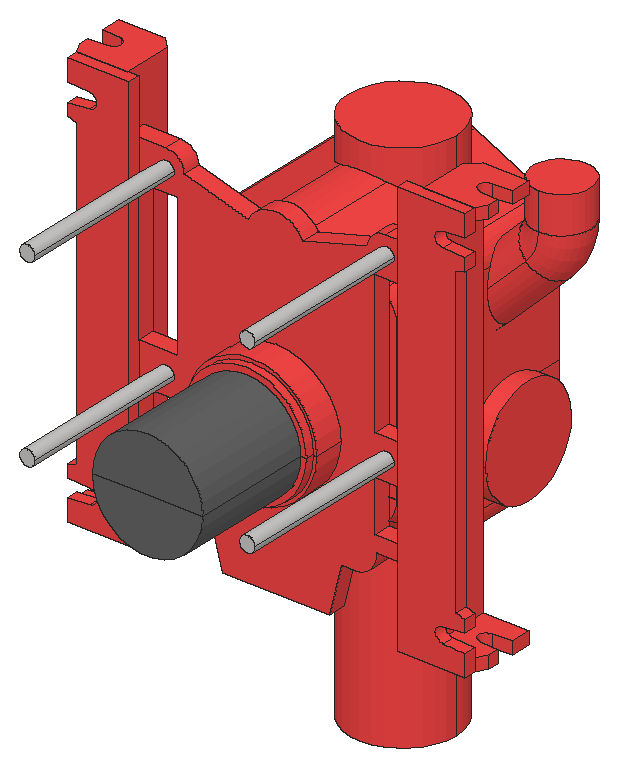
Revit family
Parameters (values of type "Standard Length")
  Vertical Pipe Nominal Radius = 2"
  Vertical Pipe Nominal Diameter = Vertical Pipe Nominal Radius * 2  # 4"
  Vent Nominal Radius = 1"
  Vent Nominal Diameter = Vent Nominal Radius * 2  # 2"
  Vent Flow = 0 GPM
  URL = "http://tylerpipe.com/"
  Type Comments = ""
  Slope Adjustment = yes
  Side Waste Inlet Standard Radius = 2"
  Side Waste Inlet Standard Diameter = Side Waste Inlet Standard Radius * 2  # 4"
  Rough-In Height [instance] = 0' - 6 1/2"
  Plastic Nipple Material = Plastic - Tyler Pipe - Black
  Plastic Nipple Length = 0' - 5"
  Pipe Material = Metal - Tyler Pipe - Cast Iron
  Model = "340-NR"
  Manufacturer = "Tyler Pipe"
  Main Out Flush = Main In Flow + Horizontal In Flow + Flush Flow 1 + Vent Flow  # 0 GPM
  Main In Flow = 0 GPM
  Horizontal In Flow = 0 GPM
  Horizontal Connection Height [instance] = 0' - 4 137/256"
  Horizontal Pipe Outer Radius = 2 3/16"
  Horizontal Pipe Nominal Radius = 2"
  Horizontal Pipe Nominal Diameter = Horizontal Pipe Nominal Radius * 2  # 4"
  Flush Flow 1 = 0 GPM
  Description = "Right-Handed Adjustable Vertical No-Hub Carrier"
  CALC_Slope H = 0' - 0 7/64"
  CALC_Outlet Length = 0' - 5 1/8"
  CALC_Main Length = -0' - 10 3/8"
  Bracket Material = Metal - Tyler Pipe - Cast Iron
  Bolt Material = Metal - Tyler Pipe - Stainless Steel
  Bolt Length = 0' - 7 9/128"
  Assembly Code = "D2030100"
Reference planes (in)
  plane 1 "Center (Front/Back)": y = 0
  plane 2: z = 0
  plane 3 "Center (Left/Right)": x = 0
  plane 4 "Rough-In": z = 6.5
  plane 5 "Main Fitting Outlet": z = 4.42578
  plane 6 "Top": z = 17
  plane 7 "Support Foot Left": x = -8.375
  plane 8 "Support Foot Right": x = 8.375
  plane 9 "Carrier Faceplate Back": y = 7
  plane 10 "Carrier Faceplate Front": y = -7
  plane 11 "Faceplate Back": y = 6.5
  plane 12 "Faceplate Front": y = -6.5
  plane 13: x = -8.125
  plane 14: x = 8.125
  plane 15 "Bolts Left": x = -4.5
  plane 16 "Bolts Right": x = 4.5
  plane 17 "Bolts Front": y = -13.57031
  plane 18 "Bolts Back": y = 13.57031
  plane 19 "Main Fitting Inlet": z = 4.53516
  plane 20 "O": x = -1.5
  plane 21 "Outlet": x = 5.125
  plane 22 "Vent": x = 4
  plane 23 "V": z = 11.3959
  plane 24 "Bottom Side Inlet Geometry": z = 2.34777
  plane 25: z = 16.5
  plane 26: z = 0.5
  plane 27: x = -6.49997
  plane 28: x = 6.51229
  plane 29: z = 6.5
  plane 30: z = 6.5
  plane 31 "Bolts Front Back": y = -5.48803
  plane 32 "Bolts Back Front": y = 5.48803
  plane 33 "Side Inlet Front": y = -13.06327
  plane 34 "Side Inlet Back": y = 13.06327
  plane 35: y = -8.06327
  plane 36: y = 8.06327
  plane 37 "Inlet": x = -5.25
  plane 38 "Vent Height": z = 14.70546
  plane 39 "Back Support": y = 2.5
  plane 40 "Vent Horizontal": x = 6.49997
Forms (in)
  Extrusion 1, solid, material "Metal - Tyler Pipe - Cast Iron" <- "Pipe Material", detail levels medium+fine
    sketch origin (5.125, 0, 4.53516) x (0, -1, 0) y (0.010542, 0, -0.999944)
      loop
        circle (0, 0) r 2.1875
    from 0 to -10.375 <- "CALC_Main Length"
  Extrusion 2, solid, material "Metal - Tyler Pipe - Cast Iron" <- "Bracket Material", detail levels fine
    sketch origin (0, -7, 0) x (-1, 0, 0) y (0, 0, -1)
      loop
        line (8.12501, 0) -> (5.62497, 0) -> (5.62497, -16.99997) -> (8.12501, -16.99997) -> (8.12501, -16.11913) -> (7.22821, -16.05642)
        arc (7.22821, -16.05642) -> (6.91647, -15.74468) -> (7.22821, -15.43294) r 0.31174
        line (7.22821, -15.43294) -> (8.12498, -15.37024) -> (8.12498, -14.86967) -> (7.75, -14.7692) -> (7.75, -2.22548) -> (8.12498, -2.12501) -> (8.12498, -1.62445) -> (7.22821, -1.56174)
        arc (7.22821, -1.56174) -> (6.91647, -1.25) -> (7.22821, -0.93826) r 0.31174
        line (7.22821, -0.93826) -> (8.12501, -0.87555) -> (8.12501, 0)
      loop
        line (-5.37497, -16.99997) -> (-5.37497, 0) -> (-8.12501, 0) -> (-8.12501, -0.87555) -> (-7.22821, -0.93826)
        arc (-7.22821, -0.93826) -> (-6.91647, -1.25) -> (-7.22821, -1.56174) r 0.31174
        line (-7.22821, -1.56174) -> (-8.12498, -1.62445) -> (-8.12498, -2.12501) -> (-7.75, -2.22548) -> (-7.75, -14.7692) -> (-8.12498, -14.86967) -> (-8.12498, -15.37024) -> (-7.22821, -15.43294)
        arc (-7.22821, -15.43294) -> (-6.91647, -15.74468) -> (-7.22821, -16.05642) r 0.31174
        line (-7.22821, -16.05642) -> (-8.12501, -16.11913) -> (-8.12501, -16.99997) -> (-5.37497, -16.99997)
    from 0 to -0.5
  Extrusion 3, solid, material "Metal - Tyler Pipe - Cast Iron" <- "Bracket Material", detail levels fine
    sketch origin (0, 0, 0) x (1, 0, 0) y (0, 1, 0)
      loop
        line (-8.37498, -6.0625) -> (-8.12501, -6.5) -> (-6.06247, -6.5) -> (-6.06247, -4.5) -> (-6.49997, -4.0625) -> (-8.37498, -4.0625) -> (-8.37498, -4.875) -> (-7.59946, -4.93854)
        arc (-7.59946, -4.93854) -> (-7.288, -5.25) -> (-7.59946, -5.56146) r 0.31146
        line (-7.59946, -5.56146) -> (-8.37498, -5.625) -> (-8.37498, -6.0625)
      loop
        line (6.06247, -4.5) -> (6.06247, -6.5) -> (8.12501, -6.5) -> (8.37498, -6.0625) -> (8.37498, -5.625) -> (7.59946, -5.56146)
        arc (7.59946, -5.56146) -> (7.288, -5.25) -> (7.59946, -4.93854) r 0.31146
        line (7.59946, -4.93854) -> (8.37498, -4.875) -> (8.37498, -4.0625) -> (6.49997, -4.0625) -> (6.06247, -4.5)
    from 0 to 17
  Extrusion 4, void
    sketch origin (0, 7, 0) x (-1, 0, 0) y (0, 0, 1)
      loop
        line (9.12254, 16.5) -> (6.49997, 16.5) -> (6.49997, 0.5) -> (9.12254, 0.5) -> (9.12254, 16.5)
      loop
        line (-9.26801, 16.5) -> (-9.26801, 0.5) -> (-6.51229, 0.5) -> (-6.51229, 16.5) -> (-9.26801, 16.5)
    from -13.5 to 0.5
  Extrusion 5, solid, material "Metal - Tyler Pipe - Cast Iron" <- "Bracket Material", detail levels fine
    sketch origin (0, -6.5, 0) x (-1, 0, 0) y (0, 0, -1)
      loop
        line (5.62497, -13.125) -> (5.62497, -7.3125) -> (4.03125, -7.3125) -> (4.03125, -13.125) -> (5.62497, -13.125)
      loop
        line (6.06247, -14.75) -> (6.06247, -2.9375) -> (4.13677, -2.9375)
        arc (4.13677, -2.9375) -> (3.90415, -2.27848) -> (3.26316, -2) r 0.875
        line (3.26316, -2) -> (2.685, -2) -> (2.18492, 0) -> (-2.18492, 0) -> (-2.685, -2) -> (-3.26316, -2)
        arc (-3.26316, -2) -> (-3.90415, -2.27848) -> (-4.13677, -2.9375) r 0.875
        line (-4.13677, -2.9375) -> (-6.06247, -2.9375) -> (-6.06247, -14.75) -> (-4.5, -14.75)
        arc (-4.5, -14.75) -> (-3.98825, -14.54828) -> (-3.75178, -14.05163) r 0.75
        line (-3.75178, -14.05163) -> (-1.11315, -13.31868)
        arc (-1.11315, -13.31868) -> (0, -14) -> (1.11315, -13.31868) r 1.25
        line (1.11315, -13.31868) -> (3.75178, -14.05163)
        arc (3.75178, -14.05163) -> (3.98825, -14.54828) -> (4.5, -14.75) r 0.75
        line (4.5, -14.75) -> (6.06247, -14.75)
      loop
        line (5.62497, -3.5625) -> (4.03125, -3.5625) -> (4.03125, -5.6875) -> (5.62497, -5.6875) -> (5.62497, -3.5625)
      loop
        line (-5.37497, -13.125) -> (-4.03125, -13.125) -> (-4.03125, -7.3125) -> (-5.37497, -7.3125) -> (-5.37497, -13.125)
      loop
        line (-5.37497, -3.5625) -> (-5.37497, -5.6875) -> (-4.03125, -5.6875) -> (-4.03125, -3.5625) -> (-5.37497, -3.5625)
    from 0 to -0.75
  Revolve 6, solid, material "Metal - Tyler Pipe - Cast Iron" <- "Pipe Material", detail levels fine
    sketch origin (0, 0, 6.5) x (-1, 0, 0) y (0, -1, 0)
      loop
        line (0, 6.5) -> (2.64908, 6.5) -> (2.64908, 7.71875) -> (2.5, 7.71875) -> (2.5, 8.06327) -> (0, 8.06327) -> (0, 6.5)
      axis (0, 6.5) -> (0, 8.06327)
    angle from 0 to 360
  Extrusion 7, solid, material "Metal - Tyler Pipe - Stainless Steel" <- "Bolt Material", detail levels fine
    sketch origin (0, -6.5, 0) x (-1, 0, 0) y (0, 0, -1)
      loop
        circle (4.5, -14) r 0.3125
      loop
        circle (4.5, -6.5) r 0.3125
      loop
        circle (-4.5, -14) r 0.3125
      loop
        circle (-4.5, -6.5) r 0.3125
    from 7.07031 to -1.01197
  Revolve 8, solid, material "Plastic - Tyler Pipe - Black" <- "Plastic Nipple Material", detail levels medium+fine
    sketch origin (0, 0, 6.5) x (-1, 0, 0) y (0, -1, 0)
      loop
        line (0, 5.75) -> (0, 13.06327) -> (-2.25, 13.06327) -> (-2.25, 5.75) -> (0, 5.75)
      axis (0, 5.75) -> (0, 13.06327)
    angle from 0 to 360
  Extrusion 9, solid, material "Metal - Tyler Pipe - Cast Iron" <- "Bracket Material", detail levels medium
    sketch origin (0, 0, 4.42578) x (-1, 0, 0) y (0, -1, 0)
      loop
        line (8.375, 7) -> (-8.375, 7) -> (-8.375, 4.0625) -> (8.375, 4.0625) -> (8.375, 7)
    from 12.57422 to -4.42578
  Extrusion 10, solid, material "Metal - Tyler Pipe - Cast Iron" <- "Pipe Material", detail levels fine
    sketch origin (0, -6.5, 0) x (-1, 0, 0) y (0, 0, -1)
      loop
        arc (3.73213, -12.08095) -> (4.18796, -11.67498) -> (4.36056, -11.0895) r 1.11114
        line (4.36056, -11.0895) -> (4.36056, -6.13768) -> (-4.36056, -6.13768) -> (-4.36056, -11.0895)
        arc (-4.36056, -11.0895) -> (-4.18796, -11.67498) -> (-3.73213, -12.08095) r 1.11114
        line (-3.73213, -12.08095) -> (-0.93697, -13.42897)
        arc (-0.93697, -13.42897) -> (0, -13.64311) -> (0.93697, -13.42897) r 2.15697
        line (0.93697, -13.42897) -> (3.73213, -12.08095)
    from -0.75 to -9
  Sweep 11, solid, material "Metal - Tyler Pipe - Cast Iron" <- "Pipe Material", detail levels fine
    path origin (0, 0, 0) x (0, 1, 0) y (0, 0, 1)
      loop
        line (-5.75, 5.24184) -> (-1.92239, 2.87906) -> (1.79739, 2.87906) -> (2.5, 3.31278)
    profile origin (0, -3.83619, 4.06045) x (0, 0.525279, 0.85093) y (1, 0, 0)
      loop
        arc (-0.5, 4.36056) -> (-0.92032, 4.27415) -> (-1.27655, 4.03491) r 1.11114
        arc (-1.27655, 4.03491) -> (-1.8423, 2.75045) -> (-2.41142, 1.46748) r 534.00949
        arc (-2.41142, 1.46748) -> (-2.48755, 1.28006) -> (-2.55113, 1.08801) r 3.0625
        line (-2.55113, 1.08801) -> (-2.55113, -1.08801)
        arc (-2.55113, -1.08801) -> (-2.48755, -1.28006) -> (-2.41142, -1.46748) r 3.0625
        arc (-2.41142, -1.46748) -> (-1.8423, -2.75045) -> (-1.27655, -4.03491) r 534.00949
        arc (-1.27655, -4.03491) -> (-0.92032, -4.27415) -> (-0.5, -4.36056) r 1.11114
        line (-0.5, -4.36056) -> (-0.5, 4.36056)
  Extrusion 12, void
    sketch origin (0, 0, 0) x (0, 1, 0) y (0, 0, 1)
      loop
        line (-5.75, 8.0625) -> (-10, 8.0625) -> (-10, -0.4375) -> (-5.75, -0.4375) -> (-5.75, 8.0625)
      loop
        line (2.5, 8.0625) -> (2.5, -0.4375) -> (5.48803, -0.4375) -> (5.48803, 8.0625) -> (2.5, 8.0625)
    from 4.5 to -4.5
  Extrusion 13, solid, material "Metal - Tyler Pipe - Cast Iron" <- "Pipe Material", detail levels medium+fine
    sketch origin (0, 0, 0) x (0, 1, 0) y (0, 0, 1)
      loop
        line (-5.75, 6.13768) -> (-5.75, 4.65425) -> (-2.06428, 2.37906) -> (1.93928, 2.37906) -> (2.5, 2.72519) -> (2.5, 6.13768) -> (-5.75, 6.13768)
    from 4.36056 to -4.36056
  Extrusion 14, solid, material "Metal - Tyler Pipe - Cast Iron" <- "Pipe Material", detail levels medium+fine
    sketch origin (0, 0, 4.53516) x (-1, 0, 0) y (0, -1, 0)
      loop
        circle (0, 0) r 2.1875
    from 10.1703 to -11.82555
  Extrusion 15, solid, material "Metal - Tyler Pipe - Cast Iron" <- "Bracket Material", detail levels fine
    sketch origin (0, 0, 4.53516) x (-1, 0, 0) y (0, -1, 0)
      loop
        line (1.38386, -2.12456) -> (-1.38386, -2.12456) -> (-0.95031, -3.75) -> (-0.3125, -3.75) -> (-0.2512, -3.125)
        arc (-0.2512, -3.125) -> (0, -2.8738) -> (0.2512, -3.125) r 0.2512
        line (0.2512, -3.125) -> (0.3125, -3.75) -> (0.95031, -3.75) -> (1.38386, -2.12456)
    from 0.25 to -0.25
  Extrusion 16, solid, material "Metal - Tyler Pipe - Cast Iron" <- "Bracket Material", detail levels fine
    sketch origin (0, 0, 0) x (1, 0, 0) y (0, 1, 0)
      loop
        arc (-1.28125, 3.59375) -> (0, 2.3125) -> (1.28125, 3.59375) r 1.28125
        line (1.28125, 3.59375) -> (1.28125, 5.125) -> (0.375, 5.125) -> (0.31146, 4.34948)
        arc (0.31146, 4.34948) -> (0, 4.03802) -> (-0.31146, 4.34948) r 0.31146
        line (-0.31146, 4.34948) -> (-0.375, 5.125) -> (-1.28125, 5.125) -> (-1.28125, 3.59375)
    from 0 to 0.5
  Revolve 17, solid, material "Metal - Tyler Pipe - Stainless Steel" <- "Bolt Material", detail levels fine
    sketch origin (0, 0, 0) x (0, 1, 0) y (0, 0, 1)
      loop
        line (3.17826, 0.5) -> (3.17826, 5.6912) -> (2.9994, 5.6912) -> (2.9994, 0.5) -> (3.17826, 0.5)
      axis (2.9994, 5.6912) -> (2.9994, 0.5)
    angle from 0 to 360
  Sweep 18, solid, material "Metal - Tyler Pipe - Cast Iron" <- "Pipe Material", detail levels medium+fine
    path origin (0, 0, 0) x (-1, 0, 0) y (0, 0, 1)
      loop
        line (-6.4992, 14.70546) -> (-6.4992, 13.19483)
        arc (-6.4992, 13.19483) -> (-6.36339, 12.51204) -> (-5.97662, 11.9332) r 1.78422
        line (-5.97662, 11.9332) -> (-1.02687, 6.98345)
    profile origin (6.4992, 0, 13.95014) x (0, -1, 0) y (1, 0, 0)
      loop
        circle (0, 0) r 1.17578
Cuts and joins
  Extrusion 4 cuts Extrusion 3
  Extrusion 12 cuts Sweep 11
Lines and regions (in)
  reference lines, not visible
    curve 1: line (-5.25, 0, 4.42578) -> (5.125, 0, 4.53516)
  model lines, detail levels coarse
    curve 2: line (0, 0, 6.5) -> (0, -13.06327, 6.5)
    curve 3: line (0, 0, 14.70546) -> (0, 0, -7.2904)
    curve 4: line (6.49997, 0, 14.70546) -> (6.49997, 0, 13.4557)
    curve 5: line (6.49997, 0, 13.4557) -> (0, 0, 11.3959)
    curve 6: line (0, 0, 4.48113) -> (5.125, 0, 4.53516)
Dimensions and locks (in)
  "Rough-In Height": plane 4 "Rough-In" to plane 2
  equal spacing: plane 8 "Support Foot Right", plane 3 "Center (Left/Right)", plane 7 "Support Foot Left"
  locked: plane 6 "Top" to plane 2 at 17
  locked: plane 9 "Carrier Faceplate Back" to plane 10 "Carrier Faceplate Front" at 14
  equal spacing: plane 9 "Carrier Faceplate Back", plane 1 "Center (Front/Back)", plane 10 "Carrier Faceplate Front"
  locked: plane 9 "Carrier Faceplate Back" to plane 11 "Faceplate Back" at 0.5
  locked: plane 10 "Carrier Faceplate Front" to plane 12 "Faceplate Front" at 0.5
  locked: plane 13 to plane 7 "Support Foot Left" at 0.25
  locked: plane 14 to plane 8 "Support Foot Right" at 0.25
  equal spacing: plane 17 "Bolts Front", plane 1 "Center (Front/Back)", plane 18 "Bolts Back"
  "Bolt Length": plane 17 "Bolts Front" to plane 12 "Faceplate Front"
  equal spacing: plane 15 "Bolts Left", plane 3 "Center (Left/Right)", plane 16 "Bolts Right"
  locked: plane 15 "Bolts Left" to plane 16 "Bolts Right" at 9
  plane 20 "O" to plane 3 "Center (Left/Right)" = 0' - 1 1/2"
  "CALC_Outlet Length": plane 3 "Center (Left/Right)" to plane 21 "Outlet"
  "CALC_Slope H": plane 19 "Main Fitting Inlet" to plane 5 "Main Fitting Outlet"
  locked: plane 3 "Center (Left/Right)" to plane 22 "Vent" at 4
  locked: plane 19 "Main Fitting Inlet" to plane 24 "Bottom Side Inlet Geometry" at 2.18738
  locked: plane 6 "Top" to plane 25 at 0.5
  locked: plane 26 to level at 0.5
  locked: plane 23 "V" to plane 5 "Main Fitting Outlet" at 6.97012
  locked: Extrusion 5 sketch curve to plane 29 at 8.25  (x2)
  locked: plane 29 to Extrusion 5 sketch curve at 3.5625  (x2)
  locked: Extrusion 5 sketch curve to plane 29 at 6.625  (x2)
  locked: plane 29 to Extrusion 5 sketch curve at 2.9375  (x2)
  locked: plane 29 to Extrusion 5 sketch curve at 6.5
  locked: Extrusion 7 sketch curve to plane 30 at 7.5  (x2)
  locked: Extrusion 5 sketch curve to plane 29 at 0.8125  (x2)
  locked: plane 29 to Extrusion 5 sketch curve at 0.8125  (x2)
  locked: plane 12 "Faceplate Front" to plane 31 "Bolts Front Back" at 1.01197
  locked: plane 11 "Faceplate Back" to plane 32 "Bolts Back Front" at 1.01197
  locked: plane 36 to plane 9 "Carrier Faceplate Back" at 1.06327
  locked: plane 35 to plane 10 "Carrier Faceplate Front" at 1.06327
  "Plastic Nipple Length": plane 33 "Side Inlet Front" to plane 35
  "Plastic Nipple Length": plane 36 to plane 34 "Side Inlet Back"
  locked: plane 10 "Carrier Faceplate Front" to Extrusion 9 sketch curve at 2.9375
  locked: Extrusion 5 sketch curve to plane 29 at 6.25
  locked: plane 29 to Extrusion 5 sketch curve at 3.625  (x2)
  locked: Extrusion 5 sketch curve to plane 29 at 6.81868  (x2)
  locked: Extrusion 10 sketch curve to plane 5 "Main Fitting Outlet" at 1.7119
  locked: Extrusion 10 sketch curve to plane 5 "Main Fitting Outlet" at 6.66372  (x2)
  locked: Extrusion 10 sketch curve to plane 5 "Main Fitting Outlet" at 7.65516  (x2)
  locked: Extrusion 10 sketch curve to plane 5 "Main Fitting Outlet" at 9.00319  (x2)
  "Horizontal Connection Height": plane 19 "Main Fitting Inlet" to level
  locked: Sweep 11 sketch curve to plane 19 "Main Fitting Inlet" at 0.70668
  locked: plane 19 "Main Fitting Inlet" to Sweep 11 sketch curve at 1.6561  (x2)
  plane 19 "Main Fitting Inlet" to Sweep 11 sketch curve = 0' - 1.22238"
  locked: Extrusion 12 sketch curve to plane 19 "Main Fitting Inlet" at 3.52734  (x2)
  locked: Extrusion 12 sketch curve to Extrusion 12 sketch curve at 8.5  (x2)
  locked: Extrusion 14 to Extrusion 14 at 21.99585
  locked: plane 21 "Outlet" to plane 37 "Inlet" at 10.375
  locked: plane 38 "Vent Height" to plane 5 "Main Fitting Outlet" at 10.27967
  locked: plane 12 "Faceplate Front" to plane 39 "Back Support" at 9
  locked: plane 1 "Center (Front/Back)" to Revolve 17 sketch curve at 2.9994
  locked: Revolve 17 sketch curve to plane 19 "Main Fitting Inlet" at 1.15604
  locked: Sweep 18 sketch curve to plane 19 "Main Fitting Inlet" at 2.44829
  locked: Sweep 18 sketch curve to plane 19 "Main Fitting Inlet" at 7.39804
  locked: Sweep 18 sketch curve to plane 19 "Main Fitting Inlet" at 8.65967  (x2)
  locked: Sweep 18 sketch curve to plane 19 "Main Fitting Inlet" at 10.1703
  locked: Sweep 18 sketch curve to plane 40 "Vent Horizontal" at 1.78499
  locked: Extrusion 2 sketch curve to level at 15.74468  (x2)
  locked: Extrusion 2 sketch curve to level at 15.37024  (x2)
  locked: Extrusion 2 sketch curve to level at 16.11913  (x2)
  locked: Extrusion 2 sketch curve to level at 14.86967  (x2)
  locked: Extrusion 2 sketch curve to level at 14.7692  (x2)
  locked: Extrusion 2 sketch curve to level at 1.62445  (x2)
  locked: Extrusion 2 sketch curve to level at 0.87555  (x2)
  locked: Extrusion 2 sketch curve to level at 2.12501  (x2)
  locked: Extrusion 2 sketch curve to level at 2.22548  (x2)
  locked: plane 29 to Extrusion 5 sketch curve at 4.5  (x2)
  "Horizontal Pipe Outer Radius": radius of Extrusion 1 sketch curve
  radius of Extrusion 14 sketch curve = 0' - 2 3/16"
  radius of Sweep 18 sketch curve = 0' - 1 45/256"
  aligned and locked: level to plane 2
  aligned and locked: plane 21 "Outlet" to curve 1
  aligned: curve 1 to Extrusion 1  (x4)
  aligned and locked: Extrusion 2 to plane 12 "Faceplate Front"
  aligned and locked: plane 10 "Carrier Faceplate Front" to Extrusion 2
  aligned and locked: plane 6 "Top" to Extrusion 3
  aligned and locked: Extrusion 3 to level
  aligned and locked: plane 4 "Rough-In" to plane 29
  aligned and locked: Revolve 6 sketch curve to plane 3 "Center (Left/Right)"
  aligned and locked: plane 4 "Rough-In" to plane 30
  aligned and locked: plane 30 to Extrusion 7 sketch curve
  aligned and locked: Extrusion 7 sketch curve to plane 30
  aligned and locked: Extrusion 7 to plane 17 "Bolts Front"
  aligned and locked: plane 31 "Bolts Front Back" to Extrusion 7
  aligned and locked: plane 33 "Side Inlet Front" to Revolve 8 sketch curve
  aligned and locked: Revolve 8 sketch curve to plane 3 "Center (Left/Right)"
  aligned and locked: Revolve 8 sketch curve to Extrusion 5
  aligned and locked: Extrusion 9 sketch curve to plane 8 "Support Foot Right"
  aligned and locked: Extrusion 9 sketch curve to plane 7 "Support Foot Left"
  aligned and locked: plane 10 "Carrier Faceplate Front" to Extrusion 9 sketch curve
  aligned and locked: plane 6 "Top" to Extrusion 9
  aligned and locked: Extrusion 9 to level
  aligned and locked: Extrusion 10 to Extrusion 5
  aligned and locked: Extrusion 13 sketch curve to Extrusion 10
  aligned and locked: plane 3 "Center (Left/Right)" to Extrusion 14 sketch curve
  aligned and locked: plane 1 "Center (Front/Back)" to Extrusion 14 sketch curve
  aligned and locked: plane 33 "Side Inlet Front" to curve 2
  aligned and locked: curve 2 to plane 3 "Center (Left/Right)"
  aligned and locked: Extrusion 14 to curve 3  (x2)
  aligned and locked: curve 3 to plane 3 "Center (Left/Right)"
  aligned and locked: plane 39 "Back Support" to Extrusion 10
  aligned and locked: plane 39 "Back Support" to Sweep 11 sketch curve
  aligned and locked: Extrusion 12 sketch curve to plane 39 "Back Support"
  aligned and locked: Revolve 17 sketch curve to Revolve 17 sketch curve
  aligned and locked: plane 26 to Revolve 17 sketch curve
  aligned and locked: plane 3 "Center (Left/Right)" to curve 5
  aligned and locked: plane 23 "V" to curve 5
  aligned and locked: plane 40 "Vent Horizontal" to curve 4
  aligned and locked: plane 38 "Vent Height" to curve 4
  aligned and locked: plane 19 "Main Fitting Inlet" to curve 1
  aligned and locked: plane 5 "Main Fitting Outlet" to curve 1
  aligned and locked: plane 37 "Inlet" to curve 1
  aligned and locked: plane 21 "Outlet" to curve 6
  aligned and locked: plane 3 "Center (Left/Right)" to curve 6
Automatic sketch dimensions
  Extrusion 1 sketch curve to plane 1 "Center (Front/Back)" = 0' - 0"
  Extrusion 4 sketch curve to plane 26 = 0' - 0"  (x2)
  Extrusion 4 sketch curve to plane 25 = 0' - 0"  (x2)
  Extrusion 4 sketch curve to plane 28 = 0' - 0"
  Extrusion 4 sketch curve to plane 27 = 0' - 0"
  Extrusion 4 sketch curve to plane 8 "Support Foot Right" = 0' - 0.89301"
  Extrusion 4 sketch curve to plane 7 "Support Foot Left" = 0' - 0.74754"
  plane 16 "Bolts Right" to Extrusion 5 sketch curve = 0' - 0"
  Extrusion 5 sketch curve to plane 3 "Center (Left/Right)" = 0' - 0"
  Extrusion 5 sketch curve to plane 15 "Bolts Left" = 0' - 0"
  Extrusion 5 sketch curve to plane 21 "Outlet" = 0' - 0.24997"  (x2)
  Extrusion 5 sketch curve to plane 40 "Vent Horizontal" = 0' - 0 7/16"
  Extrusion 5 sketch curve to plane 22 "Vent" = 0' - 0.13677"
  Extrusion 5 sketch curve to plane 22 "Vent" = 0' - 0 1/32"  (x2)
  plane 22 "Vent" to Extrusion 5 sketch curve = 0' - 0.24822"
  plane 22 "Vent" to Extrusion 5 sketch curve = 0' - 0.736"
  Extrusion 5 sketch curve to Extrusion 5 sketch curve = 0' - 0.57816"  (x2)
  plane 22 "Vent" to Extrusion 5 sketch curve = 0' - 1.81508"
  Extrusion 5 sketch curve to plane 3 "Center (Left/Right)" = 0' - 1.11315"
  plane 20 "O" to Extrusion 5 sketch curve = 0' - 0.68492"
  plane 20 "O" to Extrusion 5 sketch curve = 0' - 1.185"
  Extrusion 5 sketch curve to Extrusion 5 sketch curve = 0' - 0.00084"
  Extrusion 5 sketch curve to plane 15 "Bolts Left" = 0' - 0.74822"
  Extrusion 5 sketch curve to plane 15 "Bolts Left" = 0' - 0 15/32"  (x2)
  plane 37 "Inlet" to Extrusion 5 sketch curve = 0' - 0.37497"  (x2)
  Extrusion 5 sketch curve to plane 27 = 0' - 0 7/16"
  Extrusion 5 sketch curve to Extrusion 5 sketch curve = 0' - 0 3/4"  (x2)
  plane 16 "Bolts Right" to Extrusion 7 sketch curve = 0' - 0"  (x2)
  Extrusion 7 sketch curve to plane 15 "Bolts Left" = 0' - 0"  (x2)
  Extrusion 10 sketch curve to plane 3 "Center (Left/Right)" = 0' - 0"
  Extrusion 10 sketch curve to plane 3 "Center (Left/Right)" = 0' - 0.93697"
  plane 23 "V" to Extrusion 10 sketch curve = 0' - 0.31578"  (x2)
  plane 22 "Vent" to Extrusion 10 sketch curve = 0' - 0.75054"
  plane 22 "Vent" to Extrusion 10 sketch curve = 0' - 0.26787"
  Extrusion 10 sketch curve to plane 15 "Bolts Left" = 0' - 1.25054"
  Extrusion 10 sketch curve to plane 15 "Bolts Left" = 0' - 0.76787"
  Extrusion 10 sketch curve to plane 23 "V" = 0' - 0.09024"
  Sweep 18 sketch curve to plane 40 "Vent Horizontal" = 0' - 0.00077"
  Sweep 18 sketch curve to plane 3 "Center (Left/Right)" = 0' - 1.02687"
  plane 1 "Center (Front/Back)" to Sweep 18 sketch curve = 0' - 0"
  Sweep 18 sketch curve to profile plane = 0' - 0"
  curve 5 to plane 38 "Vent Height" = 0' - 1.24976"
  Extrusion 2 sketch curve to level = 0' - 0"  (x2)
  plane 14 to Extrusion 2 sketch curve = 0' - 0"  (x2)
  Extrusion 2 sketch curve to plane 14 = 0' - 0"  (x2)
  Extrusion 2 sketch curve to plane 14 = 0' - 0 3/8"
  Extrusion 2 sketch curve to plane 28 = 0' - 0.71591"  (x2)
  plane 6 "Top" to Extrusion 2 sketch curve = 0' - 0.00003"  (x2)
  Extrusion 2 sketch curve to plane 21 "Outlet" = 0' - 0.24997"
  plane 37 "Inlet" to Extrusion 2 sketch curve = 0' - 0.37497"
  plane 27 to Extrusion 2 sketch curve = 0' - 0.72823"  (x2)
  Extrusion 2 sketch curve to plane 26 = 0' - 0.43826"  (x2)
  Extrusion 2 sketch curve to plane 13 = 0' - 0 3/8"
  Extrusion 2 sketch curve to plane 13 = 0' - 0"  (x2)
  plane 13 to Extrusion 2 sketch curve = 0' - 0"  (x2)
  Extrusion 2 sketch curve to Extrusion 2 sketch curve = 0' - 0.31174"  (x4)
  plane 12 "Faceplate Front" to Extrusion 3 sketch curve = 0' - 0"  (x2)
  Extrusion 3 sketch curve to plane 27 = 0' - 0"
  Extrusion 3 sketch curve to plane 40 "Vent Horizontal" = 0' - 0"
  plane 13 to Extrusion 3 sketch curve = 0' - 0.52554"
  Extrusion 3 sketch curve to plane 13 = 0' - 0"
  plane 7 "Support Foot Left" to Extrusion 3 sketch curve = 0' - 0.00002"  (x2)
  plane 27 to Extrusion 3 sketch curve = 0' - 0 7/16"
  plane 40 "Vent Horizontal" to Extrusion 3 sketch curve = 0' - 0 7/16"
  plane 14 to Extrusion 3 sketch curve = 0' - 0.52554"
  Extrusion 3 sketch curve to plane 14 = 0' - 0"
  plane 8 "Support Foot Right" to Extrusion 3 sketch curve = 0' - 0.00002"  (x2)
  Extrusion 3 sketch curve to plane 12 "Faceplate Front" = 0' - 0 7/16"  (x2)
  Extrusion 3 sketch curve to plane 31 "Bolts Front Back" = 0' - 0.13697"  (x2)
  Extrusion 3 sketch curve to plane 31 "Bolts Front Back" = 0' - 0.07343"  (x2)
  plane 31 "Bolts Front Back" to Extrusion 3 sketch curve = 0' - 0.23803"  (x2)
  plane 31 "Bolts Front Back" to Extrusion 3 sketch curve = 0' - 0.61303"  (x2)
  plane 31 "Bolts Front Back" to Extrusion 3 sketch curve = 0' - 0.98803"  (x2)
  Extrusion 3 sketch curve to Extrusion 3 sketch curve = 0' - 0 7/16"
  Extrusion 3 sketch curve to Extrusion 3 sketch curve = 0' - 0 13/16"
  Revolve 6 sketch curve to plane 3 "Center (Left/Right)" = 0' - 0"
  plane 35 to Revolve 6 sketch curve = 0' - 0"
  plane 12 "Faceplate Front" to Revolve 6 sketch curve = 0' - 0"
  Revolve 6 sketch curve to plane 20 "O" = 0' - 1"
  Revolve 6 sketch curve to plane 20 "O" = 0' - 1.14908"
  plane 36 to Revolve 6 sketch curve = 0' - 2"
  Revolve 6 sketch curve to plane 35 = 0' - 0.34452"
  Revolve 6 sketch curve to Revolve 6 sketch curve = 0' - 1.37346"
  Revolve 8 sketch curve to plane 3 "Center (Left/Right)" = 0' - 0"
  Revolve 8 sketch curve to plane 22 "Vent" = 0' - 1 3/4"
  Revolve 8 sketch curve to plane 18 "Bolts Back" = 0' - 0.57881"
  plane 17 "Bolts Front" to Revolve 8 sketch curve = 0' - 0.05528"
  Sweep 11 sketch curve to plane 39 "Back Support" = 0' - 0.70261"
  plane 1 "Center (Front/Back)" to Sweep 11 sketch curve = 0' - 1.92239"
  Sweep 11 sketch curve to plane 31 "Bolts Front Back" = 0' - 0.26197"
  profile plane to Sweep 11 sketch curve = 40' - 10.26389"
  Sweep 11 sketch curve to Sweep 11 sketch curve = 0' - 0"  (x3)
  plane 3 "Center (Left/Right)" to Sweep 11 sketch curve = 0' - 1.08801"
  profile plane to Sweep 11 sketch curve = 0' - 2.55113"
  Sweep 11 sketch curve to Sweep 11 sketch curve = 0' - 0.13971"  (x2)
  profile plane to Sweep 11 sketch curve = 0' - 1.27655"  (x2)
  profile plane to Sweep 11 sketch curve = 0' - 0 1/2"
  profile plane to Sweep 11 sketch curve = 0' - 0.49061"  (x2)
  plane 3 "Center (Left/Right)" to Sweep 11 sketch curve = 0' - 0.22199"
  Sweep 11 sketch curve to profile plane = 0' - 0.38637"  (x2)
  Sweep 11 sketch curve to plane 3 "Center (Left/Right)" = 0' - 0.22199"
  Sweep 11 sketch curve to plane 3 "Center (Left/Right)" = 0' - 1.08801"
  Sweep 11 sketch curve to Sweep 11 sketch curve = 0' - 0.78545"  (x2)
  Extrusion 12 sketch curve to plane 32 "Bolts Back Front" = 0' - 0"
  Extrusion 12 sketch curve to plane 31 "Bolts Front Back" = 0' - 0.26197"
  plane 35 to Extrusion 12 sketch curve = 0' - 1.93673"
  Extrusion 13 sketch curve to plane 39 "Back Support" = 0' - 0"
  Extrusion 13 sketch curve to plane 24 "Bottom Side Inlet Geometry" = 0' - 0.03128"
  Extrusion 13 sketch curve to plane 39 "Back Support" = 0' - 0.56072"
  plane 1 "Center (Front/Back)" to Extrusion 13 sketch curve = 0' - 2.06428"
  Extrusion 13 sketch curve to plane 31 "Bolts Front Back" = 0' - 0.26197"
  Extrusion 13 sketch curve to plane 24 "Bottom Side Inlet Geometry" = 0' - 0.37741"
  plane 19 "Main Fitting Inlet" to Extrusion 13 sketch curve = 0' - 0.11909"
  Extrusion 15 sketch curve to plane 3 "Center (Left/Right)" = 0' - 0"
  Extrusion 15 sketch curve to Extrusion 15 sketch curve = 0' - 0.2512"
  plane 3 "Center (Left/Right)" to Extrusion 15 sketch curve = 0' - 0 5/16"
  Extrusion 15 sketch curve to Extrusion 15 sketch curve = 0' - 0.63781"
  Extrusion 15 sketch curve to plane 39 "Back Support" = 0' - 0.37544"
  plane 3 "Center (Left/Right)" to Extrusion 15 sketch curve = 0' - 1.38386"
  Extrusion 15 sketch curve to plane 3 "Center (Left/Right)" = 0' - 0 5/16"
  plane 20 "O" to Extrusion 15 sketch curve = 0' - 0.54969"
  plane 20 "O" to Extrusion 15 sketch curve = 0' - 0.11614"
  plane 39 "Back Support" to Extrusion 15 sketch curve = 0' - 0 5/8"
  Extrusion 15 sketch curve to Extrusion 15 sketch curve = 0' - 0 5/8"  (x2)
  Extrusion 16 sketch curve to plane 3 "Center (Left/Right)" = 0' - 0"  (x2)
  Extrusion 16 sketch curve to plane 3 "Center (Left/Right)" = 0' - 0.31146"
  Extrusion 16 sketch curve to plane 3 "Center (Left/Right)" = 0' - 0 3/8"
  plane 20 "O" to Extrusion 16 sketch curve = 0' - 0 7/32"
  plane 3 "Center (Left/Right)" to Extrusion 16 sketch curve = 0' - 0 3/8"
  plane 39 "Back Support" to Extrusion 16 sketch curve = 0' - 1 3/32"
  Extrusion 16 sketch curve to Extrusion 16 sketch curve = 0' - 0.75573"
  plane 32 "Bolts Back Front" to Extrusion 16 sketch curve = 0' - 0.36303"  (x2)
  Revolve 17 sketch curve to Revolve 17 sketch curve = 0' - 0.17886"
  Revolve 17 sketch curve to level = 0' - 0.3088"
  Revolve 17 sketch curve to Revolve 17 sketch curve = 0' - 0"
  plane 1 "Center (Front/Back)" to curve 2 = 0' - 0"
  curve 6 to curve 1 = 0' - 0"
  radius of Extrusion 7 sketch curve = 0' - 0 5/16"  (x4)
Connectors (in)
  piping at (0, -13.06327, 6.5), driven by "Flush Flow 1", driven by "Side Waste Inlet Standard Radius", driven by "Slope Adjustment"
    settings: on Revolve 8, index 4, connector radius 2", flow factor 0, pipe flow 0 GPM, pressure drop 0.00 psi, fitting loss kfactor 0, connector angle 0.00°, fixture units 0, flow configuration 0, flow direction 1, fitting loss method 0, system type 16, connector reference index -1, connector utility 0, adjustable connector yes, is connector primary no, fitting loss table "", connector description "Sanitary Inlet"
  piping at (0, 0, 14.70546), driven by "Main In Flow", driven by "Vertical Pipe Nominal Radius"
    settings: on Extrusion 14, index 6, connector radius 2", flow factor 0, pipe flow 0 GPM, pressure drop 0.00 psi, fitting loss kfactor 0, connector angle 0.00°, fixture units 0, flow configuration 0, flow direction 1, fitting loss method 0, system type 16, connector reference index 7, connector utility 0, adjustable connector no, is connector primary no, fitting loss table "", connector description "Sanitary Inlet"
  piping at (0, 0, -7.2904), driven by "Main Out Flush", driven by "Vertical Pipe Nominal Radius"
    settings: on Extrusion 14, index 7, connector radius 2", flow factor 0, pipe flow 0 GPM, pressure drop 0.00 psi, fitting loss kfactor 0, connector angle 0.00°, fixture units 0, flow configuration 0, flow direction 2, fitting loss method 0, system type 16, connector reference index 6, connector utility 0, adjustable connector no, is connector primary yes, fitting loss table "", connector description "Sanitary Outlet"
  piping at (5.125, 0, 4.53516), driven by "Horizontal In Flow", driven by "Slope Adjustment", driven by "Horizontal Pipe Nominal Radius"
    settings: on Extrusion 1, index 8, connector radius 2", flow factor 0, pipe flow 0 GPM, pressure drop 0.00 psi, fitting loss kfactor 0, connector angle 0.00°, fixture units 0, flow configuration 0, flow direction 1, fitting loss method 0, system type 16, connector reference index -1, connector utility 0, adjustable connector yes, is connector primary no, fitting loss table "", connector description "Sanitary Inlet"
